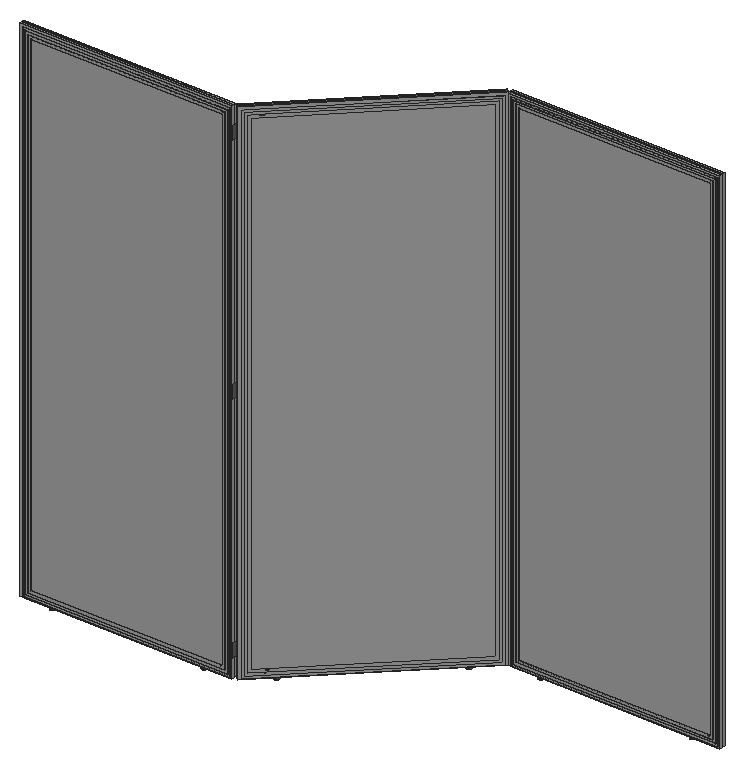
Revit family "Haworth_BuzziFalls_Standing_EU_PRELIMINARY", category Furniture, Revit 2018
Family settings
  OmniClass Number = 23.40.70.14.64.21
  OmniClass Title = Systems Furniture
  Work Plane-Based = No
  Always vertical = Yes
  Cut with Voids When Loaded = No
  Shared = No
  Room Calculation Point = No
Parameters (values of type "Trio Screen")
  Warranty = "http://www.haworth.com/resources/product-info/warranties"
  URL - Product = "https://www.haworth.com/eu/en/products/office-partitions/buzzifalls.html"
  URL = "https://www.haworth.com/eu/en.html"
  Trio Screen = yes
  Size = "Verify Final Dim. w/ Haworth"  # constant formula
  Single = no
  Screen Finish [instance] = Haworth _ Fabric _ Undecided _ Screen
  Revision Number = "1"  # constant formula
  Patterns = " Plain, Alhambra, Birch, Dots, Grid, Leaves, Orient, Palms, Parrots, Pebbles, Rain, Royal, Tropics"  # constant formula
  Model = "BuzziFalls Standing"  # constant formula
  Manufacturer = "Haworth"  # constant formula
  Glide Finish = Haworth _ Paint _ Black BTR-9005
  Description = "Haworth - BuzziSpace - BuzziFalls - Standing - Screen"  # constant formula
  Author = "Haworth (Abd Rahman)"  # constant formula
  Assembly Code = "E2020200"
  Add On Screen = not(or(Single, Trio Screen))  # no
  Actual Width = if(Add On Screen, 83.9986 cm, if(Single, 83.9986 cm, 256.0042 cm))  # 256.0042 cm
  Actual Height = 203.9838 cm  # constant formula
  Actual Depth = 2.1034 cm  # constant formula
Types (3, lengths in cm): name | Trio Screen | Single | Add On Screen | Actual Width
  Single Screen | no | yes | no | 83.9986
  Add on Screen | no | no | yes | 83.9986
  Trio Screen | yes | no | no | 256.0042
Reference planes (cm)
  plane 1: z = 0
  plane 2 "Back": y = 5.4967
  plane 3 "Front": y = 3.3933
  plane 4 "Top": z = 203.9838
  plane 5 "Right": x = 210.0596
  plane 6 "Left": x = -45.9447
  plane 7: x = 82.0574
  plane 8: y = 4.445
  plane 9: z = 0.8
Dimensions and locks (cm)
  "Actual Width": plane 6 "Left" to plane 5 "Right"
  "Actual Depth": plane 3 "Front" to plane 2 "Back"
  equal spacing: plane 6 "Left", plane 7, plane 5 "Right"
  equal spacing: plane 2 "Back", plane 8, plane 3 "Front"
  "Actual Height": plane 4 "Top" to plane 1  (x2)
  aligned and locked: nested 1 to plane 9
  aligned and locked: plane 6 "Left" to nested 1
  aligned and locked: plane 2 "Back" to nested 1
  aligned and locked: plane 3 "Front" to nested 1
Nested families (cm)
  nested 1: "Haworth_BuzziFalls_Standing_PART" at (78.1121, 8.89, 0) x (-1, 0, 0) z (0, 0, 1), Screen Finish <- "Screen Finish", type "PART"
    with Screen Finish Haworth _ Fabric _ Undecided _ Screen, Single no, Add On Screen yes
  nested 2: "Haworth_BuzziFalls_Standing_PART" at (123.5904, 95.6182, 0) x (-0.7071, -0.7071, 0) z (0, 0, 1), visible <- "Trio Screen", Screen Finish <- "Screen Finish", type "PART"
    with Screen Finish Haworth _ Fabric _ Undecided _ Screen, Single no, Add On Screen yes
  nested 3: "Haworth_BuzziFalls_Standing_PART" at (223.3458, 68.9288, 0) x (-1, 0, 0) z (0, 0, 1), visible <- "Trio Screen", Screen Finish <- "Screen Finish", type "PART - Plain"
    with Screen Finish Haworth _ Fabric _ Undecided _ Screen
Definition of nested family "Haworth_BuzziFalls_Standing_PART"
  Parameters (values of type "PART")
    Warranty = "http://www.haworth.com/resources/product-info/warranties"
    URL - Product = "https://www.haworth.com/products/architectural-interiors/acoustic-solutions/buzzifalls-standing"
    URL = "http://www.haworth.com/our-brands/haworth-collection"
    Size = "Verify Final Dim. w/ Haworth"  # constant formula
    Single = yes
    Screen Finish [instance] = none
    Revision Number = "1"  # constant formula
    Patterns = " Plain, Alhambra, Birch, Dots, Grid, Leaves, Orient, Palms, Parrots, Pebbles, Rain, Royal, Tropics"  # constant formula
    Model = "HCBZ-FSS"  # constant formula
    Manufacturer = "Haworth"  # constant formula
    Glide Finish = none
    Description = "Haworth BuzziFalls Standing - Single Screen - Plain - PART"
    Author = "Haworth (Abd Rahman)"  # constant formula
    Assembly Code = "E2020200"
    Add On Screen = not(Single)  # no
    Actual Width = 83.9986 cm  # constant formula
    Actual Height = 203.9838 cm  # constant formula
    Actual Depth = 2.1034 cm  # constant formula
  Reference planes (cm)
    plane 1: z = 0
    plane 2 "Back": y = 5.4967
    plane 3 "Front": y = 3.3933
    plane 4 "Top": z = 203.9838
    plane 5 "Right": x = 124.0567
    plane 6 "Left": x = 40.0581
    plane 7: x = 82.0574
    plane 8: y = 4.445
    plane 9: y = 4.69
    plane 10: y = 4.2
    plane 11: z = 203
    plane 12: x = 44.1601
    plane 13: x = 120.1601
    plane 14: z = 0.8
  Forms (cm)
    Extrusion 1, solid, material <- "Screen Finish"
      sketch origin (0, 0, 0) x (1, 0, 0) y (0, 1, 0)
        loop
          line (40.0581, 4.2) -> (40.0581, 3.3933) -> (124.0567, 3.3933) -> (124.0567, 4.2) -> (40.0581, 4.2)
      from 0.8 to 203.9838
    Extrusion 2, solid, material <- "Screen Finish"
      sketch origin (0, 8.89, 0) x (1, 0, 0) y (0, 1, 0)
        loop
          line (40.0581, -4.2) -> (124.0567, -4.2) -> (124.0567, -3.3933) -> (40.0581, -3.3933) -> (40.0581, -4.2)
      from 0.8 to 203.9838
    Extrusion 3, solid, material <- "Screen Finish"
      sketch origin (0, 0, 0) x (1, 0, 0) y (0, 1, 0)
        loop
          line (123.0202, 4.2) -> (123.0202, 4.69) -> (41.6724, 4.69) -> (41.6724, 4.2) -> (123.0202, 4.2)
      from 0.8 to 203
    Extrusion 4, void
      sketch origin (0, 3.3933, 0) x (-1, 0, 0) y (0, 0, -1)
        loop
          line (-43.8724, -3.9761) -> (-119.8724, -3.9761) -> (-119.8724, -199.9761) -> (-43.8724, -199.9761) -> (-43.8724, -3.9761)
        loop
          line (-42.8224, -2.9261) -> (-120.9224, -2.9261) -> (-120.9224, -201.0261) -> (-42.8224, -201.0261) -> (-42.8224, -2.9261)
        loop
          line (-42.8724, -2.9761) -> (-120.8724, -2.9761) -> (-120.8724, -200.9761) -> (-42.8724, -200.9761) -> (-42.8724, -2.9761)
      from -0.0326 to 2.808
    Extrusion 5, void
      sketch origin (0, 3.3933, 0) x (-1, 0, 0) y (0, 0, -1)
        loop
          line (-41.6577, -1.7615) -> (-122.087, -1.7615) -> (-122.087, -202.1907) -> (-41.6577, -202.1907) -> (-41.6577, -1.7615)
        loop
          line (-41.6415, -202.207) -> (-41.6415, -1.7452) -> (-122.1033, -1.7452) -> (-122.1033, -202.207) -> (-41.6415, -202.207)
        loop
          line (-122.8724, -0.9761) -> (-122.8724, -202.9761) -> (-40.8724, -202.9761) -> (-40.8724, -0.9761) -> (-122.8724, -0.9761)
        loop
          line (-122.8224, -1.0261) -> (-122.8224, -202.9261) -> (-40.9224, -202.9261) -> (-40.9224, -1.0261) -> (-122.8224, -1.0261)
      from -0.5017 to 4.2869
    Extrusion 6, void
      sketch origin (0, 5.4967, 0) x (-1, 0, 0) y (0, 0, 1)
        loop
          line (-43.8724, 3.9761) -> (-43.8724, 199.9761) -> (-119.8724, 199.9761) -> (-119.8724, 3.9761) -> (-43.8724, 3.9761)
        loop
          line (-42.8224, 2.9261) -> (-42.8224, 201.0261) -> (-120.9224, 201.0261) -> (-120.9224, 2.9261) -> (-42.8224, 2.9261)
        loop
          line (-42.8724, 2.9761) -> (-42.8724, 200.9761) -> (-120.8724, 200.9761) -> (-120.8724, 2.9761) -> (-42.8724, 2.9761)
      from -0.0326 to 2.808
    Extrusion 7, void
      sketch origin (0, 5.4967, 0) x (-1, 0, 0) y (0, 0, 1)
        loop
          line (-41.6577, 1.7615) -> (-41.6577, 202.1907) -> (-122.087, 202.1907) -> (-122.087, 1.7615) -> (-41.6577, 1.7615)
        loop
          line (-41.6415, 202.207) -> (-122.1033, 202.207) -> (-122.1033, 1.7452) -> (-41.6415, 1.7452) -> (-41.6415, 202.207)
        loop
          line (-122.8724, 0.9761) -> (-40.8724, 0.9761) -> (-40.8724, 202.9761) -> (-122.8724, 202.9761) -> (-122.8724, 0.9761)
        loop
          line (-122.8224, 1.0261) -> (-40.9224, 1.0261) -> (-40.9224, 202.9261) -> (-122.8224, 202.9261) -> (-122.8224, 1.0261)
      from -0.5017 to 4.2869
    Revolve 8, solid, material <- "Glide Finish"
      sketch origin (0.002, 4.4416, 0) x (-1, 0, 0) y (0, 0, 1)
        loop
          line (-51.8724, -0.0302) -> (-51.8724, 2.4198) -> (-52.1724, 2.4198) -> (-52.1724, 0.5198) -> (-52.7974, 0.5198)
          arc (-52.7974, 0.5198) -> (-52.8504, 0.4979) -> (-52.8724, 0.4448) r 0.075
          line (-52.8724, 0.4448) -> (-52.8724, 0.0448)
          arc (-52.8724, 0.0448) -> (-52.8504, -0.0082) -> (-52.7974, -0.0302) r 0.075
          line (-52.7974, -0.0302) -> (-51.8724, -0.0302)
        axis (-51.8724, 2.4198) -> (-51.8724, -0.0302)
      angle from 0 to 360
    Revolve 9, solid, material <- "Glide Finish"
      sketch origin (163.7359, 4.4416, 0) x (1, 0, 0) y (0, 0, 1)
        loop
          line (-51.8724, -0.0302) -> (-51.8724, 2.4198) -> (-52.1724, 2.4198) -> (-52.1724, 0.5198) -> (-52.7974, 0.5198)
          arc (-52.7974, 0.5198) -> (-52.8504, 0.4979) -> (-52.8724, 0.4448) r 0.075
          line (-52.8724, 0.4448) -> (-52.8724, 0.0448)
          arc (-52.8724, 0.0448) -> (-52.8504, -0.0082) -> (-52.7974, -0.0302) r 0.075
          line (-52.7974, -0.0302) -> (-51.8724, -0.0302)
        axis (-51.8724, 2.4198) -> (-51.8724, -0.0302)
      angle from 0 to 360
    Extrusion 10, solid, material <- "Glide Finish", visible <- "Add On Screen"
      sketch origin (0, 0, 0) x (1, 0, 0) y (0, 1, 0)
        loop
          line (39.8501, 3.656) -> (38.5773, 4.9287) -> (38.4359, 4.7873) -> (39.7068, 3.5165)
          arc (39.7068, 3.5165) -> (39.926, 3.4729) -> (40.0501, 3.6587) r 0.2011
          line (40.0501, 3.6587) -> (40.0501, 5.456) -> (39.8501, 5.456) -> (39.8501, 3.656)
      from 8.4792 to 13.55
    Extrusion 11, solid, material <- "Glide Finish", visible <- "Add On Screen"
      sketch origin (0.0033, 0, 91.79) x (1, 0, 0) y (0, 1, 0)
        loop
          line (39.8501, 3.656) -> (38.5773, 4.9287) -> (38.4359, 4.7873) -> (39.7068, 3.5165)
          arc (39.7068, 3.5165) -> (39.926, 3.4729) -> (40.0501, 3.6587) r 0.2011
          line (40.0501, 3.6587) -> (40.0501, 5.456) -> (39.8501, 5.456) -> (39.8501, 3.656)
      from 8.4792 to 13.55
    Extrusion 12, solid, material <- "Glide Finish", visible <- "Add On Screen"
      sketch origin (0.0033, 0, 183.63) x (1, 0, 0) y (0, 1, 0)
        loop
          line (39.8501, 3.656) -> (38.5773, 4.9287) -> (38.4359, 4.7873) -> (39.7068, 3.5165)
          arc (39.7068, 3.5165) -> (39.926, 3.4729) -> (40.0501, 3.6587) r 0.2011
          line (40.0501, 3.6587) -> (40.0501, 5.456) -> (39.8501, 5.456) -> (39.8501, 3.656)
      from 8.4792 to 13.55
  Cuts and joins
    Extrusion 4, Extrusion 5, Extrusion 6, Extrusion 7 cuts Extrusion 1
    Extrusion 6, Extrusion 7 cuts Extrusion 2
  Lines and regions (cm)
    Masking region 1
      outline origin (0, 0, 0) x (1, 0, 0) y (0, 1, 0)
        loop
          line (40.0581, 5.4967) -> (40.0581, 3.3933) -> (124.0567, 3.3933) -> (124.0567, 5.4967) -> (40.0581, 5.4967)
    symbolic lines, visible <- "Add On Screen"
      curve 1: line (39.8534, 3.656, 0) -> (38.5806, 4.9287, 0)
      curve 2: line (38.5806, 4.9287, 0) -> (38.4392, 4.7873, 0)
      curve 3: line (38.4392, 4.7873, 0) -> (39.7101, 3.5165, 0)
      curve 4: arc (39.7101, 3.5165, 0) -> (39.9293, 3.4729, 0) -> (40.0534, 3.6587, 0) r 0.2011
      curve 5: line (39.8534, 5.456, 0) -> (39.8534, 3.656, 0)
      curve 6: line (40.0534, 5.456, 0) -> (39.8534, 5.456, 0)
      curve 7: line (40.0534, 3.6587, 0) -> (40.0534, 5.456, 0)
  Dimensions and locks (cm)
    "Actual Width": plane 6 "Left" to plane 5 "Right"
    "Actual Depth": plane 3 "Front" to plane 2 "Back"
    equal spacing: plane 6 "Left", plane 7, plane 5 "Right"
    equal spacing: plane 2 "Back", plane 8, plane 3 "Front"
    "Actual Height": plane 4 "Top" to plane 1  (x2)
    locked: plane 4 "Top" to plane 11 at 0.9838
    aligned and locked: plane 4 "Top" to Extrusion 1
    aligned and locked: Extrusion 3 to plane 11
    aligned and locked: plane 14 to cut or joined group of Extrusion 1, Extrusion 4, Extrusion 5, Extrusion 6, Extrusion 7
    aligned and locked: plane 14 to cut or joined group of Extrusion 2, Extrusion 6, Extrusion 7
    aligned and locked: plane 14 to Extrusion 3
    aligned and locked: plane 6 "Left" to Masking region 1
    aligned and locked: plane 2 "Back" to Masking region 1
    aligned and locked: plane 3 "Front" to Masking region 1
    aligned and locked: plane 5 "Right" to Masking region 1
  Automatic sketch dimensions
    plane 3 "Front" to Extrusion 1 sketch curve = 0 cm
    Extrusion 1 sketch curve to plane 6 "Left" = 0 cm
    Extrusion 1 sketch curve to plane 5 "Right" = 0 cm
    plane 10 to Extrusion 1 sketch curve = 0 cm
    Extrusion 2 sketch curve to plane 2 "Back" = 0 cm
    Extrusion 2 sketch curve to plane 6 "Left" = 0 cm
    Extrusion 2 sketch curve to plane 5 "Right" = 0 cm
    Extrusion 2 sketch curve to plane 9 = 0 cm
    plane 10 to Extrusion 3 sketch curve = 0 cm
    Extrusion 3 sketch curve to plane 9 = 0 cm
    Extrusion 3 sketch curve to plane 6 "Left" = 1.6142 cm
    Extrusion 3 sketch curve to plane 5 "Right" = 1.0365 cm
    plane 13 to Extrusion 4 sketch curve = 0.7623 cm
    Extrusion 4 sketch curve to Extrusion 4 sketch curve = 0.05 cm  (x4)
    Extrusion 4 sketch curve to plane 13 = 0.2877 cm
    Extrusion 4 sketch curve to plane 12 = 0.2877 cm
    Extrusion 4 sketch curve to plane 12 = 1.2877 cm
    plane 14 to Extrusion 4 sketch curve = 2.1261 cm
    Extrusion 4 sketch curve to Extrusion 4 sketch curve = 1 cm  (x2)
    Extrusion 4 sketch curve to plane 11 = 3.0239 cm
    plane 14 to Extrusion 5 sketch curve = 0.1761 cm
    plane 5 "Right" to Extrusion 5 sketch curve = 1.1843 cm
    Extrusion 5 sketch curve to Extrusion 5 sketch curve = 0.05 cm  (x3)
    Extrusion 5 sketch curve to Extrusion 5 sketch curve = 0.7191 cm
    Extrusion 5 sketch curve to Extrusion 5 sketch curve = 0.0162 cm  (x4)
    plane 6 "Left" to Extrusion 5 sketch curve = 1.5996 cm
    Extrusion 5 sketch curve to plane 11 = 0.0739 cm
    plane 6 "Left" to Extrusion 5 sketch curve = 0.8642 cm
    Extrusion 5 sketch curve to plane 11 = 0.0239 cm
    plane 14 to Extrusion 5 sketch curve = 0.9452 cm
    Extrusion 5 sketch curve to plane 11 = 0.8093 cm
    Extrusion 6 sketch curve to plane 13 = 0.7623 cm
    Extrusion 6 sketch curve to Extrusion 6 sketch curve = 0.05 cm  (x4)
    plane 13 to Extrusion 6 sketch curve = 0.2877 cm
    plane 12 to Extrusion 6 sketch curve = 0.2877 cm
    plane 12 to Extrusion 6 sketch curve = 1.2877 cm
    Extrusion 6 sketch curve to plane 14 = 2.1261 cm
    Extrusion 6 sketch curve to Extrusion 6 sketch curve = 1 cm  (x2)
    plane 11 to Extrusion 6 sketch curve = 3.0239 cm
    Extrusion 7 sketch curve to plane 14 = 0.1761 cm
    Extrusion 7 sketch curve to plane 5 "Right" = 1.1843 cm
    Extrusion 7 sketch curve to Extrusion 7 sketch curve = 0.05 cm  (x3)
    Extrusion 7 sketch curve to Extrusion 7 sketch curve = 0.7191 cm
    Extrusion 7 sketch curve to Extrusion 7 sketch curve = 0.0162 cm  (x4)
    Extrusion 7 sketch curve to plane 6 "Left" = 1.5996 cm
    plane 11 to Extrusion 7 sketch curve = 0.0739 cm
    Extrusion 7 sketch curve to plane 6 "Left" = 0.8642 cm
    plane 11 to Extrusion 7 sketch curve = 0.0239 cm
    Extrusion 7 sketch curve to plane 14 = 0.9452 cm
    plane 11 to Extrusion 7 sketch curve = 0.8093 cm
    Revolve 8 sketch curve to plane 14 = 0.3552 cm
    plane 12 to Revolve 8 sketch curve = 8.7142 cm
    Revolve 8 sketch curve to Revolve 8 sketch curve = 0.075 cm  (x2)
    Revolve 8 sketch curve to Revolve 8 sketch curve = 0.625 cm
    Revolve 8 sketch curve to Revolve 8 sketch curve = 0.3 cm
    Revolve 8 sketch curve to level = 0.0448 cm
    plane 14 to Revolve 8 sketch curve = 1.6198 cm
    Revolve 8 sketch curve to Revolve 8 sketch curve = 0 cm  (x3)
    plane 14 to Revolve 9 sketch curve = 0.3552 cm
    plane 13 to Revolve 9 sketch curve = 9.2967 cm
    Revolve 9 sketch curve to Revolve 9 sketch curve = 0.075 cm  (x2)
    Revolve 9 sketch curve to Revolve 9 sketch curve = 0.625 cm
    Revolve 9 sketch curve to Revolve 9 sketch curve = 0.3 cm
    level to Revolve 9 sketch curve = 0.0448 cm
    Revolve 9 sketch curve to plane 14 = 1.6198 cm
    Revolve 9 sketch curve to Revolve 9 sketch curve = 0 cm  (x3)
    plane 9 to Extrusion 10 sketch curve = 0.0973 cm
    plane 6 "Left" to Extrusion 10 sketch curve = 1.6222 cm
    plane 9 to Extrusion 10 sketch curve = 0.2387 cm
    Extrusion 10 sketch curve to Extrusion 10 sketch curve = 0.1414 cm
    Extrusion 10 sketch curve to plane 3 "Front" = 0.1232 cm
    Extrusion 10 sketch curve to Extrusion 10 sketch curve = 0.1422 cm
    Extrusion 10 sketch curve to plane 2 "Back" = 0.0408 cm
    plane 6 "Left" to Extrusion 10 sketch curve = 0.208 cm
    plane 6 "Left" to Extrusion 10 sketch curve = 0.008 cm
    plane 9 to Extrusion 11 sketch curve = 0.0973 cm
    plane 6 "Left" to Extrusion 11 sketch curve = 1.6189 cm
    plane 9 to Extrusion 11 sketch curve = 0.2387 cm
    Extrusion 11 sketch curve to Extrusion 11 sketch curve = 0.1414 cm
    Extrusion 11 sketch curve to plane 3 "Front" = 0.1232 cm
    Extrusion 11 sketch curve to Extrusion 11 sketch curve = 0.1422 cm
    Extrusion 11 sketch curve to plane 2 "Back" = 0.0408 cm
    plane 6 "Left" to Extrusion 11 sketch curve = 0.2047 cm
    plane 6 "Left" to Extrusion 11 sketch curve = 0.0047 cm
    plane 9 to Extrusion 12 sketch curve = 0.0973 cm
    plane 6 "Left" to Extrusion 12 sketch curve = 1.6189 cm
    plane 9 to Extrusion 12 sketch curve = 0.2387 cm
    Extrusion 12 sketch curve to Extrusion 12 sketch curve = 0.1414 cm
    Extrusion 12 sketch curve to plane 3 "Front" = 0.1232 cm
    Extrusion 12 sketch curve to Extrusion 12 sketch curve = 0.1422 cm
    Extrusion 12 sketch curve to plane 2 "Back" = 0.0408 cm
    plane 6 "Left" to Extrusion 12 sketch curve = 0.2047 cm
    plane 6 "Left" to Extrusion 12 sketch curve = 0.0047 cm
    plane 3 "Front" to Masking region 1 sketch curve = 0 cm
    Masking region 1 sketch curve to plane 6 "Left" = 0 cm
    Masking region 1 sketch curve to plane 5 "Right" = 0 cm
    Masking region 1 sketch curve to plane 2 "Back" = 0 cm
    plane 6 "Left" to curve 2 = 1.4775 cm
    plane 9 to curve 2 = 0.0973 cm
    curve 2 to curve 1 = 0.1414 cm
    plane 6 "Left" to curve 1 = 0.2047 cm
    curve 3 to plane 3 "Front" = 0.1232 cm
    curve 4 to curve 1 = 0.0011 cm
    curve 1 to curve 4 = 0.0027 cm
    curve 5 to plane 2 "Back" = 0.0408 cm
    plane 6 "Left" to curve 6 = 0.0047 cm
